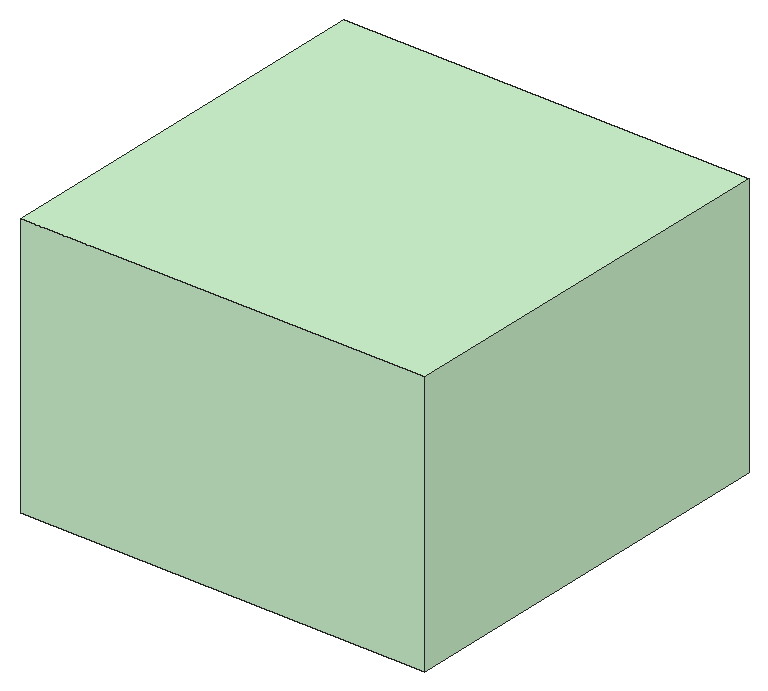
Revit family "プッシュバックピース", category 機械設備, Revit 2020
Family settings
  丸型コネクタ寸法 = 直径を使用
  種別 = なし
  パーツ タイプ = 標準
  作業面ベース = いいえ
  常に垂直 = はい
  ロード時にボイドで切り取り = いいえ
  共有 = いいえ
  部屋計算ポイント = いいえ
Parameters
  製造元 = "株式会社桐井製作所"
  既定の高さ = 0 mm
  URL = "https://www.kirii.co.jp/"
  K_材質 = "天然ゴム"
  K_外形寸法(mm) = "t15×23×23"
  K_品名 = "プッシュバックピース"
  K_名称 = "プッシュバックピース"
  K_入数 = "黒49個(7×7列)/シート"
  K_バージョン情報 = "20220915"
Reference planes
  plane 1 "中心(正面/背面)": y = 0
  plane 2: z = 0
  plane 3 "中心(左/右)": x = 0
Forms (mm)
  Extrusion 1, solid
    sketch origin (0, 11.5, -14.008) x (0, 1, 0) y (0, 0, 1)
      loop
        line (0, 14.008) -> (0, 29.008) -> (-23, 29.008) -> (-23, 14.008) -> (0, 14.008)
    from 11.5 to -11.5
Dimensions and locks
  aligned and locked: level to plane 2
